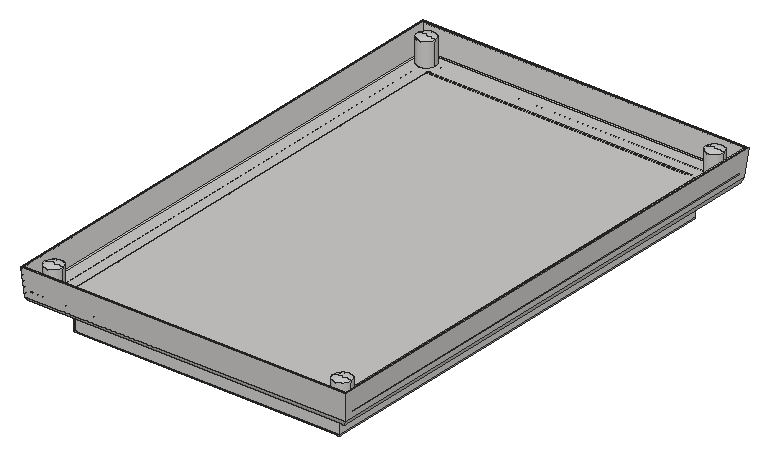
Revit family "Gorter BV THERMO 1000x600mm", category Generic Models, host Face, Revit 2019
Family settings
  Host = Face
  Can host rebar = No
  Round Connector Dimension = Use Diameter
  Part Type = Normal
  Cut with Voids When Loaded = Yes
  Shared = No
  Room Calculation Point = No
Parameters (values of type "BV THERMO 1000x600mm")
  vullen_met_beton = "ja"  # constant formula
  vergrendeling = "nee"  # constant formula
  uitwendige_lengte = 1135 mm
  uitwendige_breedte = 735 mm
  sluiting = "4"  # constant formula
  scharnierend = "nee"  # constant formula
  rubberen_afdichting = "enkel"  # constant formula
  productgroep = ""
  materiaal = bcb_staal
  inbouwhoogte [instance] = 75 mm
  geïsoleerd = "ja"  # constant formula
  gewicht = "33"
  gasdrukveer = "nee"  # constant formula
  brandwerend 90 min = "nee"  # constant formula
  binnenmaat_lengte = uitwendige_lengte - 135 mm  # 1000 mm
  binnenmaat_breedte = uitwendige_breedte - 135 mm  # 600 mm
  binnenluik = "tbv betonvulling"  # constant formula
  belasting = "125 kN"  # constant formula
  URL = ""
  RC-waarde = "3.2 m2 K/W"
  Model = "BV THERMO"  # constant formula
  Manufacturer = "Gorter"  # constant formula
  Description = "BV THERMO 106"
  Default Elevation = 1219.2 mm
Types (6, lengths in mm): name | uitwendige_lengte | uitwendige_breedte | gewicht | binnenmaat_lengte | binnenmaat_breedte | Description
  (no name) | 1135 | 735 | "33" | 1000 | 600 | "BV THERMO 106"
  BV THERMO 600x600mm | 735 | 735 | "23" | 600 | 600 | "BV THERMO 66"
  BV THERMO 800x600mm | 935 | 735 | "29" | 800 | 600 | "BV THERMO 86"
  BV THERMO 800x800mm | 935 | 935 | "33" | 800 | 800 | "BV THERMO 88"
  BV THERMO 1000x600mm | 1135 | 735 | "33" | 1000 | 600 | "BV THERMO 106"
  BV THERMO 600x400mm | 735 | 535 | "23" | 600 | 400 | "BV THERMO 64"
Reference planes
  plane 1 "Center (Front/Back)": y = 0
  plane 2: z = 0
  plane 3 "Center (Left/Right)": x = 0
  plane 4: y = 567.5
  plane 5: y = -567.5
  plane 6: x = 367.5
  plane 7: x = -367.5
  plane 8: z = -75
  plane 9: x = -325.5
  plane 10: y = 525.5
  plane 11: y = -525.5
  plane 12: x = 325.5
  plane 13: x = -205.5
  plane 14: x = 205.5
  plane 15: y = -405.5
  plane 16: y = 405.5
  plane 17: x = -297
  plane 18: x = 297
  plane 19: y = -496.5
  plane 20: y = 496.5
Forms (mm)
  Sweep 1, solid, material "bcb_staal" <- "materiaal", detail levels medium+fine
    path origin (0, 0, 0) x (1, 0, 0) y (0, 1, 0)
      loop
        line (-367.5, 567.5) -> (-367.5, -567.5) -> (367.5, -567.5) -> (367.5, 567.5) -> (-367.5, 567.5)
    profile origin (-367.5, 0, 0) x (-1, 0, 0) y (0, 0, 1)
      loop
        line (0, 0) -> (-2.01, 0) -> (-8.062, -60.739)
        arc (-8.062, -60.739) -> (-19.025, -71.913) -> (-32.302, -63.62) r 12.5
        line (-32.302, -63.62) -> (-34.724, -56.679)
        arc (-34.724, -56.679) -> (-38.41, -54.001) -> (-42.212, -56.51) r 4
        line (-42.212, -56.51) -> (-44.362, -61.868)
        arc (-44.362, -61.868) -> (-48.269, -64.946) -> (-52.899, -63.13) r 5
        line (-52.899, -63.13) -> (-56.64, -57.982)
        arc (-56.64, -57.982) -> (-63.349, -55.792) -> (-67.5, -61.5) r 6
        line (-67.5, -61.5) -> (-67.5, -75) -> (-65.5, -75) -> (-65.5, -61.5)
        arc (-65.5, -61.5) -> (-62.734, -57.695) -> (-58.262, -59.152) r 4
        line (-58.262, -59.152) -> (-54.667, -64.109)
        arc (-54.667, -64.109) -> (-48.142, -66.947) -> (-42.504, -62.607) r 7
        line (-42.504, -62.607) -> (-40.356, -57.255)
        arc (-40.356, -57.255) -> (-38.451, -56.001) -> (-36.61, -57.346) r 2
        line (-36.61, -57.346) -> (-34.19, -64.279)
        arc (-34.19, -64.279) -> (-18.789, -73.899) -> (-6.071, -60.938) r 14.5
        line (-6.071, -60.938) -> (0, 0)
  Sweep 2, solid, material "bcb_staal" <- "materiaal", detail levels medium+fine
    path origin (0, 0, 0) x (1, 0, 0) y (0, 1, 0)
      loop
        line (-367.5, 567.5) -> (-367.5, -567.5) -> (367.5, -567.5) -> (367.5, 567.5) -> (-367.5, 567.5)
    profile origin (-367.5, 0, 0) x (-1, 0, 0) y (0, 0, 1)
      loop
        line (-10.487, -50.628) -> (-2.484, 0) -> (-4.5, 0) -> (-12.438, -50.313)
        arc (-12.438, -50.313) -> (-13.121, -51.538) -> (-14.437, -52.024) r 2.024
        line (-14.437, -52.024) -> (-67.5, -52.024) -> (-67.5, -53.988) -> (-14.751, -53.988)
        arc (-14.751, -53.988) -> (-11.962, -53.142) -> (-10.487, -50.628) r 4
  Sweep 3, solid, material "bcb_staal" <- "materiaal", detail levels coarse
    path origin (0, 0, 0) x (1, 0, 0) y (0, 1, 0)
      loop
        line (-367.5, 567.5) -> (-367.5, -567.5) -> (367.5, -567.5) -> (367.5, 567.5) -> (-367.5, 567.5)
    profile origin (-367.5, 0, 0) x (-1, 0, 0) y (0, 0, 1)
      loop
        line (0, 0) -> (-4.5, 0) -> (-12.74, -52.024) -> (-67.5, -52.024) -> (-67.5, -75) -> (-7.473, -75) -> (0, 0)
  Extrusion 4, solid, material "bcb_staal" <- "materiaal", detail levels medium+fine
    sketch origin (0, 0, 0) x (1, 0, 0) y (0, 1, 0)
      loop
        line (-300, 500) -> (-300, -500) -> (300, -500) -> (300, 500) -> (-300, 500)
    from -53.988 to -52
  Extrusion 5, solid, material "bcb_staal" <- "materiaal", detail levels coarse
    sketch origin (0, 0, 0) x (1, 0, 0) y (0, 1, 0)
      loop
        line (-300, 500) -> (-300, -500) -> (300, -500) -> (300, 500) -> (-300, 500)
    from -75 to -52.024
  Extrusion 6, void
    sketch origin (0, 0, 0) x (1, 0, 0) y (0, 1, 0)
      loop
        line (-205.5, -405.5) -> (205.5, -405.5) -> (205.5, 405.5) -> (-205.5, 405.5) -> (-205.5, -405.5)
    from -500 to 10
  Sweep 7, void
    path origin (0, 0, 0) x (1, 0, 0) y (0, 1, 0)
      loop
        line (-367.5, 567.5) -> (-367.5, -567.5) -> (367.5, -567.5) -> (367.5, 567.5) -> (-367.5, 567.5)
    profile origin (-367.5, 0, 0) x (-1, 0, 0) y (0, 0, 1)
      loop
        line (0.498, 5) -> (-162, 5) -> (-162, -365) -> (-65.5, -365) -> (-65.5, -75) -> (-7.473, -75) -> (0.498, 5)
  Sweep 8, solid, material "bcb_staal" <- "materiaal"
    path origin (0, 0, 0) x (1, 0, 0) y (0, 1, 0)
      loop
        line (-367.5, 567.5) -> (-367.5, -567.5) -> (367.5, -567.5) -> (367.5, 567.5) -> (-367.5, 567.5)
    profile origin (-367.5, 0, 0) x (-1, 0, 0) y (0, 0, 1)
      loop
        line (-58.5, -55.001) -> (-58.5, -54.001) -> (-66.5, -54.001)
        arc (-66.5, -54.001) -> (-67.914, -54.587) -> (-68.5, -56.001) r 2
        line (-68.5, -56.001) -> (-68.5, -136)
        arc (-68.5, -136) -> (-68.793, -136.707) -> (-69.5, -137) r 1
        line (-69.5, -137) -> (-82.5, -137) -> (-82.5, -138) -> (-69.5, -138)
        arc (-69.5, -138) -> (-68.086, -137.414) -> (-67.5, -136) r 2
        line (-67.5, -136) -> (-67.5, -56.001)
        arc (-67.5, -56.001) -> (-67.207, -55.294) -> (-66.5, -55.001) r 1
        line (-66.5, -55.001) -> (-58.5, -55.001)
  Extrusion 9, solid, material "bcb_pe"
    sketch origin (0, 0, 0) x (1, 0, 0) y (0, 1, 0)
      loop
        line (-297, 496.5) -> (-297, -496.5) -> (297, -496.5) -> (297, 496.5) -> (-297, 496.5)
    from -137 to -57.982
Cuts and joins
  joined: Sweep 2, Extrusion 4
  joined: Sweep 3, Extrusion 5
Dimensions and locks
  equal spacing: plane 7, plane 3 "Center (Left/Right)", plane 6
  "uitwendige_breedte": plane 7 to plane 6
  equal spacing: plane 4, plane 1 "Center (Front/Back)", plane 5
  "uitwendige_lengte": plane 4 to plane 5
  locked: plane 4 to plane 10 at 42
  locked: plane 7 to plane 9 at 42
  locked: plane 12 to plane 6 at 42
  locked: plane 5 to plane 11 at 42
  locked: plane 9 to plane 13 at 120
  locked: plane 14 to plane 12 at 120
  locked: plane 15 to plane 11 at 120
  locked: plane 10 to plane 16 at 120
  locked: plane 9 to plane 17 at 28.5
  locked: plane 18 to plane 12 at 28.5
  locked: plane 11 to plane 19 at 29
  locked: plane 10 to plane 20 at 29
  aligned and locked: plane 2 to host face
  aligned and locked: level to host face
  aligned and locked: Sweep 1 sketch curve to plane 4
  aligned and locked: plane 7 to Sweep 1 sketch curve
  aligned and locked: plane 5 to Sweep 1 sketch curve
  aligned and locked: Sweep 1 sketch curve to plane 6
  aligned and locked: Sweep 2 sketch curve to Sweep 1  (x4)
  aligned and locked: Sweep 3 sketch curve to Sweep 1  (x4)
  aligned and locked: Extrusion 4 sketch curve to Sweep 1  (x4)
  aligned and locked: Extrusion 5 sketch curve to Sweep 3  (x2)
  aligned and locked: Extrusion 5 sketch curve to Sweep 1  (x2)
  aligned and locked: plane 9 to nested 1
  aligned and locked: nested 1 to plane 10
  aligned and locked: nested 2 to plane 12
  aligned and locked: plane 10 to nested 2
  aligned and locked: plane 11 to nested 3
  aligned and locked: nested 3 to plane 9
  aligned and locked: nested 4 to plane 11
  aligned and locked: plane 12 to nested 4
  aligned and locked: Extrusion 6 to plane 16
  aligned and locked: Extrusion 6 to plane 14
  aligned and locked: Extrusion 6 to plane 15
  aligned and locked: Extrusion 6 to plane 13
  aligned and locked: Sweep 7 sketch curve to plane 4
  aligned and locked: Sweep 7 sketch curve to plane 6
  aligned and locked: plane 5 to Sweep 7 sketch curve
  aligned and locked: plane 7 to Sweep 7 sketch curve
  aligned and locked: Sweep 8 sketch curve to plane 4
  aligned and locked: Sweep 8 sketch curve to plane 6
  aligned and locked: plane 7 to Sweep 8 sketch curve
  aligned and locked: plane 5 to Sweep 8 sketch curve
  aligned and locked: Extrusion 9 sketch curve to plane 20
  aligned and locked: Extrusion 9 sketch curve to plane 18
  aligned and locked: Extrusion 9 sketch curve to plane 19
  aligned and locked: Extrusion 9 sketch curve to plane 17
Automatic sketch dimensions
  host sketch curve to host sketch curve = 2000 mm  (x2)
  Sweep 1 sketch curve to profile plane = 0 mm
  profile plane to Sweep 1 sketch curve = 6.071 mm
  Sweep 1 sketch curve to Sweep 1 sketch curve = 1.99 mm
  Sweep 1 sketch curve to Sweep 1 sketch curve = 12.438 mm
  Sweep 1 sketch curve to Sweep 1 sketch curve = 0 mm  (x6)
  Sweep 1 sketch curve to Sweep 1 sketch curve = 11.802 mm
  Sweep 1 sketch curve to Sweep 1 sketch curve = 1.888 mm
  Sweep 1 sketch curve to Sweep 1 sketch curve = 2.423 mm
  Sweep 1 sketch curve to Sweep 1 sketch curve = 1.886 mm
  Sweep 1 sketch curve to Sweep 1 sketch curve = 1.89 mm
  Sweep 1 sketch curve to Sweep 1 sketch curve = 1.856 mm  (x2)
  Sweep 1 sketch curve to Sweep 1 sketch curve = 2.147 mm
  Sweep 1 sketch curve to Sweep 1 sketch curve = 1.858 mm
  Sweep 1 sketch curve to Sweep 1 sketch curve = 4.638 mm
  Sweep 1 sketch curve to Sweep 1 sketch curve = 3.899 mm
  Sweep 1 sketch curve to Sweep 1 sketch curve = 1.768 mm
  Sweep 1 sketch curve to Sweep 1 sketch curve = 3.741 mm
  Sweep 1 sketch curve to Sweep 1 sketch curve = 1.622 mm
  Sweep 1 sketch curve to Sweep 1 sketch curve = 3.238 mm
  Sweep 1 sketch curve to Sweep 1 sketch curve = 4 mm
  Sweep 1 sketch curve to Sweep 1 sketch curve = 2 mm
  Sweep 1 sketch curve to level = 56.51 mm
  Sweep 1 sketch curve to Sweep 1 sketch curve = 0.169 mm
  Sweep 1 sketch curve to Sweep 1 sketch curve = 0.745 mm
  Sweep 1 sketch curve to Sweep 1 sketch curve = 0.654 mm
  Sweep 1 sketch curve to Sweep 1 sketch curve = 1.471 mm
  Sweep 1 sketch curve to Sweep 1 sketch curve = 1.17 mm
  Sweep 1 sketch curve to Sweep 1 sketch curve = 2.821 mm
  Sweep 1 sketch curve to Sweep 1 sketch curve = 3.49 mm
  Sweep 1 sketch curve to Sweep 1 sketch curve = 1.239 mm
  Sweep 1 sketch curve to Sweep 1 sketch curve = 0.198 mm
  Sweep 1 sketch curve to Sweep 1 sketch curve = 1.867 mm
  Sweep 1 sketch curve to Sweep 1 sketch curve = 0.739 mm
  Sweep 1 sketch curve to Sweep 1 sketch curve = 13.5 mm
  profile plane to Sweep 1 sketch curve = 2.01 mm
  Sweep 1 sketch curve to Sweep 1 sketch curve = 60.938 mm
  Sweep 2 sketch curve to level = 0 mm
  profile plane to Sweep 2 sketch curve = 14.751 mm
  Sweep 2 sketch curve to Sweep 2 sketch curve = 0.313 mm  (x2)
  Sweep 2 sketch curve to Sweep 2 sketch curve = 0 mm  (x2)
  Sweep 2 sketch curve to Sweep 2 sketch curve = 1.95 mm
  Sweep 2 sketch curve to Sweep 2 sketch curve = 0.315 mm
  Sweep 2 sketch curve to Sweep 2 sketch curve = 53.063 mm
  profile plane to Sweep 2 sketch curve = 4.5 mm
  Sweep 2 sketch curve to Sweep 2 sketch curve = 2.016 mm
  Sweep 2 sketch curve to level = 52.024 mm
  Sweep 2 sketch curve to Sweep 2 sketch curve = 1.963 mm
  Sweep 3 sketch curve to level = 0 mm
  Sweep 3 sketch curve to profile plane = 0 mm
  profile plane to Sweep 3 sketch curve = 4.5 mm
  profile plane to Sweep 3 sketch curve = 12.74 mm
  Sweep 3 sketch curve to Sweep 3 sketch curve = 54.76 mm
  Sweep 3 sketch curve to level = 52.024 mm
  profile plane to Sweep 3 sketch curve = 7.473 mm
  Sweep 3 sketch curve to Sweep 3 sketch curve = 22.976 mm
  Extrusion 6 sketch curve to plane 11 = 120 mm
  Extrusion 6 sketch curve to plane 1 "Center (Front/Back)" = 405.5 mm
  Extrusion 6 sketch curve to plane 13 = 0 mm
  Extrusion 6 sketch curve to plane 14 = 0 mm
  level to Sweep 7 sketch curve = 5 mm
  profile plane to Sweep 7 sketch curve = 162 mm
  profile plane to Sweep 7 sketch curve = 65.5 mm
  profile plane to Sweep 7 sketch curve = 7.473 mm
  Sweep 7 sketch curve to profile plane = 0.498 mm
  Sweep 7 sketch curve to level = 75 mm
  Sweep 7 sketch curve to Sweep 7 sketch curve = 290 mm
  Sweep 8 sketch curve to Sweep 8 sketch curve = 0 mm  (x4)
  Sweep 8 sketch curve to Sweep 8 sketch curve = 1 mm  (x2)
  Sweep 8 sketch curve to Sweep 8 sketch curve = 8 mm
  Sweep 8 sketch curve to level = 56.001 mm
  profile plane to Sweep 8 sketch curve = 69.5 mm
  profile plane to Sweep 8 sketch curve = 68.5 mm
  Sweep 8 sketch curve to Sweep 8 sketch curve = 79.999 mm
  Sweep 8 sketch curve to Sweep 8 sketch curve = 13 mm
Nested families
  nested 1: "NLRS_33_GM_FB_TC_GORTER_vloerluik_BV_BCB_Inbusbout" at (-325.5, 525.5, -52.024), type "NLRS_33_GM_FB_TC_GORTER_vloerluik_BV_BCB_Inbusbout"
  nested 2: "NLRS_33_GM_FB_TC_GORTER_vloerluik_BV_BCB_Inbusbout" at (325.5, 525.5, -52.024) x (-1, 0, 0) z (0, 0, 1), type "NLRS_33_GM_FB_TC_GORTER_vloerluik_BV_BCB_Inbusbout"
  nested 3: "NLRS_33_GM_FB_TC_GORTER_vloerluik_BV_BCB_Inbusbout" at (-325.5, -525.5, -52.024), type "NLRS_33_GM_FB_TC_GORTER_vloerluik_BV_BCB_Inbusbout"
  nested 4: "NLRS_33_GM_FB_TC_GORTER_vloerluik_BV_BCB_Inbusbout" at (325.5, -525.5, -52.024) x (-1, 0, 0) z (0, 0, 1), type "NLRS_33_GM_FB_TC_GORTER_vloerluik_BV_BCB_Inbusbout"
Definition of nested family "NLRS_33_GM_FB_TC_GORTER_vloerluik_BV_BCB_Inbusbout"
  Parameters
    materiaal = none
    Default Elevation = 1219.2 mm
  Reference planes
    plane 1 "Center (Front/Back)": y = 0
    plane 2: z = 0
    plane 3 "Center (Left/Right)": x = 0
  Forms (mm)
    Extrusion 1, solid, not visible
      sketch origin (0, 0, 0) x (1, 0, 0) y (0, 1, 0)
        loop
          line (-250, 250) -> (-250, -250) -> (250, -250) -> (250, 250) -> (-250, 250)
      from 0 to -100
    Extrusion 2, solid, material <- "materiaal", detail levels medium+fine
      sketch origin (0, 0, 0) x (1, 0, 0) y (0, 1, 0)
        loop
          circle (0, 0) r 20
      from 0 to 52
    Revolve 3, solid, detail levels medium+fine
      sketch origin (0, 0, 0) x (1, 0, 0) y (0, 0, 1)
        loop
          line (-20, 52) -> (0, 52) -> (0, 56)
          arc (0, 56) -> (-10.198, 54.99) -> (-20, 52) r 52
        axis (0, 56) -> (0, 52)
      angle from 0 to 360
  Dimensions and locks
    aligned and locked: plane 2 to Extrusion 1
    aligned and locked: level to Extrusion 1
